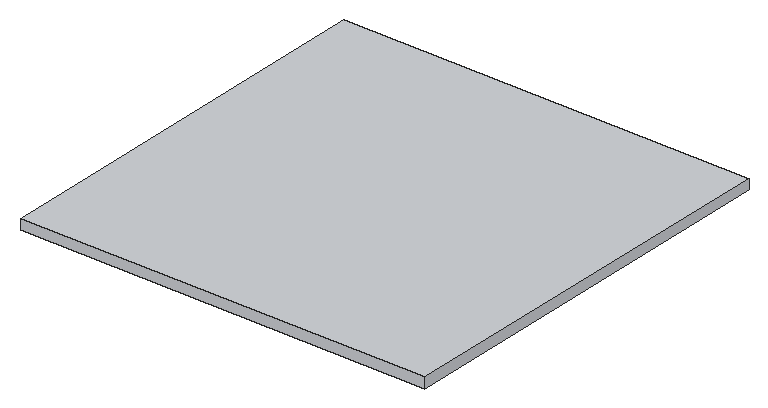
Revit family "26801", category Aparatos sanitarios, Revit 2017
Family settings
  Anfitrión = Cara
  Cota de conector redondo = Diámetro de uso
  Tipo de pieza = Normal
  Número OmniClass = 23.45.55.14
  Título OmniClass = Single Faucets
  Corte con vacíos al cargar = No
  Compartido = No
  Punto de cálculo de habitación = No
Parameters
  URL = "http://www.griferiasgalindo.com"
  Teléfono = "(+34) 915 782 575"
  TIPO DE AGUA = "Fria"
  REFERENCIA = "26801"
  Presión Máxima = "8 bar"
  PESO BRUTO = "1,920 Kg"
  Modelo = "PRESTO XT 2000 - P Cromo"
  Material = LATON CROMADO
  Imagen de tipo = <Ninguno>
  Fabricante = "PRESTO IBÉRICA"
  Default Elevation = 1219.2 mm
  ENTRADA = "Con latiguillo flexible de 1/2\""
  Descripción = "Grifo temporalizado de un agua para instalación mural y apertura por pulsador."
  Código de montaje = "C1030220"
  Contacto = "info@prestoiberica.com"
  Conexión AF = yes
  Conexión AC = no
  Comentarios de tipo = "Cuerpo y pulsador en latón. Piezas inferiores en matieriales resistentes a la corrosión e incrustaciones calcáreas. Cabeza intercambiable. Caño disponible en varias longitudes (bajo pedido). Suministrado con caja para empotrar. Entrada hembra de  1/2\"."
  CIERRE = "Automático en 10 seg."
  CAUDAL = "8 l/min."
  Accionamiento = "Mediante pulsador"
Reference planes
  plane 1 "Centro (Frontal/Posterior)": y = 0
  plane 2: z = 0
  plane 3 "Centro (Izquierda/Derecha)": x = 0
Forms (mm)
  Extrusion 1, solid
    sketch origin (0, 0, 0) x (1, 0, 0) y (0, 1, 0)
      loop
        line (-100, 100) -> (-100, -100) -> (100, -100) -> (100, 100) -> (-100, 100)
    from 0 to -5
Dimensions and locks
  Extrusion 1 sketch curve to plane 1 "Centro (Frontal/Posterior)" = 100 mm
  aligned and locked: plane 2 to Extrusion 1
  aligned and locked: level to Extrusion 1
Connectors
  piping at (83.5, 0, -42.5), diameter 12.7
    settings: on import instance, index 1, connector inside diameter 609.6 mm, connector length 0 mm, flow factor 0, pipe flow 0.0 L/s, pressure drop 0.0 Pa, fitting loss kfactor 0, connector angle 0.00°, fixture units 0, engagement length 0 mm, angle of deflection 0.00°, flow configuration 0, flow direction 1, fitting loss method 0, system type 20, joint type 0, gender type 0, connector reference index -1, connector utility 0, adjustable connector no, is connector primary yes, connector description ""
